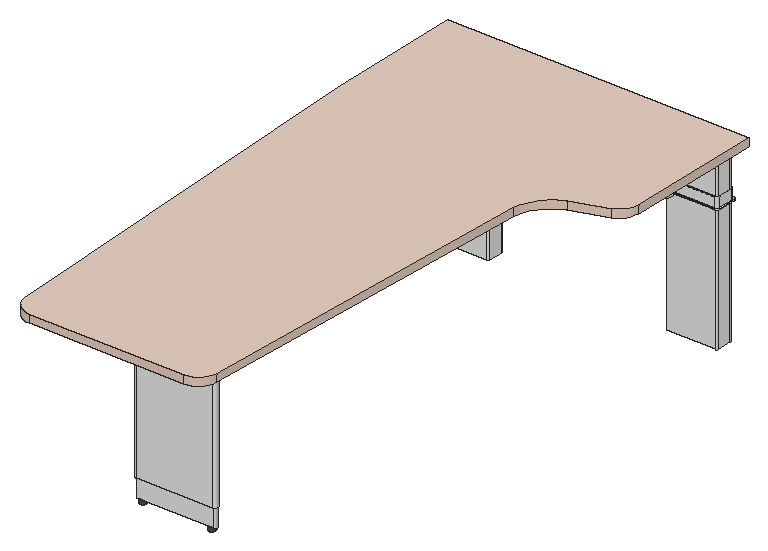
Revit family "Table-Height_Adjustable-Teknion-BH_EP_Height_Adjustable_Extended_Tapered_Peninsula_Bevel_Post_Leg_Mid_Height-R2018", category Furniture, Revit 2018
Family settings
  OmniClass Number = 23.40.20.00
  OmniClass Title = General Furniture and Specialties
  Work Plane-Based = No
  Always vertical = Yes
  Cut with Voids When Loaded = No
  Shared = Yes
  Room Calculation Point = No
Parameters (values of type "No Grommet")
  Worksurface Finish [instance] = Veneer-Teknion-5T-Flintwood-White_Truffle (Long Grain)
  Worksufrace Thickness Options [instance] = "Select one of the options below:"  # constant formula
  Width A [instance] = 87.000"
  Warranty = "http://www.teknion.com/ca/papers/legal-canada"
  Unit Weight URL = "http://www.teknion.com/ca/tools/assets#&asset=bee6a381-b954-425e-8283-5a2de3a804f2,f828d448-4b62-4231-9e5f-9a8991c0ed77"
  URL = "www.teknion.com"
  To render please download texture images found here [instance] = "https://assets.teknion.com/web/5e81352c1dfdb467/revit-material-swatches/"
  Sustainability Data = "https://www.teknion.com/ca/tools/assets#&topic=216f99a5-57a0-44fc-b10a-9dee9b29ae4c&asset=444deb64-fe58-4b68-981e-f75e97781df7,b4ff2d81-9f2e-437d-9659-7cffb09c31cf"
  Suspended Modesty Panel Height Options [instance] = "Select one of the options below:"  # constant formula
  Suspended Modesty Panel - Solid Finish [instance] = Veneer-Teknion-5T-Flintwood-White_Truffle (Long Grain)
  Suspended Modesty Panel - Solid [instance] = no
  Suspended Modesty Panel Options [instance] = "Select one of the options below:"  # constant formula
  Suspended Modesty Panel - Glass Hardware Finish [instance] = Paint - Teknion - Mica - Very White
  Suspended Modesty Panel - Glass Finish [instance] = Glass - Teknion - FT - Frosted Glass
  Suspended Modesty Panel - Glass [instance] = no
  Suspended Modesty Panel - Felt Finish [instance] = Fabric-Teknion-RB13-Carrera
  Suspended Modesty Panel - Felt [instance] = no
  Square Grommet Cut [instance] = if([Offset-Rectangular & Square], 4.000", 0.500")  # 0.500"
  Series = "Expansion Casegoods"  # constant formula
  Product Page URL = "https://www.teknion.com/ca/products/product-details?productlineid=0053336e-8e7a-673b-a6c8-ff00004460c4"
  Product Line = "Expansion Casegoods"  # constant formula
  Product Documentation Link #4 = "https://www.teknion.com/pricing/expansion-casegoods/pdfs/BASME_ppg.pdf"
  Product Documentation Link #3 = "https://www.teknion.com/pricing/expansion-casegoods/pdfs/BASMG_ppg.pdf"
  Product Documentation Link #2 = "https://www.teknion.com/pricing/expansion-casegoods/pdfs/BASML_ppg.pdf"
  Product Documentation Link = "https://www.teknion.com/pricing/expansion-casegoods/pdfs/BH_EP_ppg.pdf"
  Powerbar Options [instance] = "Select one of the options below:"  # constant formula
  Powerbar [instance] = not(No Powerbar)  # no
  Part Number = "BH_EP"  # constant formula
  Offset-Rectangular & Square = no
  Offset-Rectangular = no
  No Suspended Modesty Panel [instance] = and(not([Suspended Modesty Panel - Felt]), not([Suspended Modesty Panel - Glass]), not([Suspended Modesty Panel - Solid]))  # yes
  Modesty Panel Offset [instance] = if([9" Depth Mid-Height Kneespace Module for H.A.], 14.000", if([20" Depth Mid-Height Credenza for H.A.], 19.000", 23.000"))  # 14.000"
  Modesty Panel Height [instance] = if([6" Height Suspended Modesty Panel], 6.636", 10.009")  # 10.009"
  Middle corner Offset 2 [instance] = if(Depth A = 29.000", if(Depth B = 46.000", if(Width A = 69.000", 31.793", if(Width A = 75.000", 31.793", if(Width A = 81.000", 31.776", 31.770"))), if(Depth B = 52.000", if(Width A = 69.000", 32.082", if(Width A = 75.000", 32.075", if(Width A = 81.000", 32.070", 32.065"))), if(Width A = 69.000", 32.251", if(Width A = 75.000", 32.246", if(Width A = 81.000", 32.242", 32.238"))))), if(Depth B = 46.000", if(Width A = 69.000", 31.199", if(Width A = 75.000", 31.184", if(Width A = 81.000", 31.171", 31.161"))), if(Depth B = 52.000", if(Width A = 69.000", 31.791", if(Width A = 75.000", 31.781", if(Width A = 81.000", 31.774", 31.768"))), if(Width A = 69.000", 32.081", if(Width A = 75.000", 32.074", if(Width A = 81.000", 32.069", 32.064"))))))  # 31.161"
  Middle Corner Offset 1 [instance] = if(Depth A = 29.000", if(Depth B = 46.000", if(Width A = 69.000", 34.363", if(Width A = 75.000", 34.430", if(Width A = 81.000", 34.485", 34.530"))), if(Depth B = 52.000", if(Width A = 69.000", 34.344", if(Width A = 75.000", 34.414", if(Width A = 81.000", 34.470", 34.516"))), if(Width A = 69.000", 34.334", if(Width A = 75.000", 34.404", if(Width A = 81.000", 34.461", 34.508"))))), if(Depth B = 46.000", if(Width A = 69.000", 40.400", if(Width A = 75.000", 40.464", if(Width A = 81.000", 40.515", 40.557"))), if(Depth B = 52.000", if(Width A = 69.000", 40.363", if(Width A = 75.000", 40.430", if(Width A = 81.000", 40.485", 40.530"))), if(Width A = 69.000", 40.344", if(Width A = 75.000", 40.414", if(Width A = 81.000", 40.470", 40.516"))))))  # 40.557"
  No Powerbar [instance] = and(not(Integrated Powerbar), not(Integrated Powerbar with IEC Outlet))  # yes
  No Grommet = yes
  Model = "BH_EPK______N__E"
  Manufacturer Phone = "416-661-3370"  # constant formula
  Manufacturer Fax = "416.661.4586"  # constant formula
  Manufacturer Contact Information = "http://www.teknion.com/ca/contactus"
  Manufacturer Address = "1150 Flint Road, Toronto, ON. M3J 2J5. Canada"  # constant formula
  Manufacturer = "Teknion"  # constant formula
  Leg Offset [instance] = if(Depth B = 46.000", 1.530", 6.257")  # 1.530"
  Integrated Powerbar with IEC Outlet [instance] = no
  Integrated Powerbar [instance] = no
  How To Use Teknion Materials User Guide [instance] = "https://assets.teknion.com/m/205dd0a49fa58060/original/How-to-add-a-Material-Library-and-Texture-Images-to-your-Revit-project.pdf"
  Height [instance] = 29.362"
  Grommet Plan View Offset [instance] = if(Depth A = 29.000", 4.877", 7.877")  # 7.877"
  Grommet Finish [instance] = Paint - Teknion - Foundation - Crisp Grey
  For Additional Finishes please visit [instance] = "https://assets.teknion.com/m/44a8009b046e5d47/original/Teknion_Materials_Library.zip"
  First Corner Offset [instance] = if(Width A = 69.000", 5.699", if(Width A = 75.000", 5.718", if(Width A = 81.000", 5.734", 5.747")))  # 5.747"
  Description = "Height-Adjustable Extended Tapered Peninsula - Bevel Post Leg- Mid-Height, Mid-Height Configuration, No Grommet, Extended Range 26\" to 48\""
  Depth of End Support Style [instance] = "Select one of the options below:"  # constant formula
  Depth B [instance] = 46.000"
  Depth A [instance] = 35.000"
  Connection Node Visibility [instance] = yes
  Base Finish [instance] = Paint - Teknion - Foundation - Crisp Grey
  Available Width A [instance] = "69, 75, 81, and 87 Inches"  # constant formula
  Available Heights [instance] = "26 to 48 Inches"  # constant formula
  Available Depth B [instance] = "46, 52, and 58 Inches"  # constant formula
  Available Depth A [instance] = "29 or 35 Inches"  # constant formula
  Assembly Code = "E2020200"
  Arc Radius 2 = 6.000"  # constant formula
  Arc Radius 1 = 2.875"  # constant formula
  Actual Worksurface Thickness [instance] = if([1 3/16" Worksurface Thickness], 1.189", 1.555")  # 1.189"
  Actual Depth A [instance] = if(Depth A = 29.000", if(Width A = 69.000", 17.602", if(Width A = 75.000", 17.563", if(Width A = 81.000", 17.532", 17.507"))), if(Width A = 69.000", 23.602", if(Width A = 75.000", 23.563", if(Width A = 81.000", 23.532", 23.507"))))  # 23.507"
  Actual Depth B [instance] = if(Depth B = 58.000", 57.700", if(Depth B = 52.000", 51.730", 45.760"))  # 45.760"
  9" Depth Mid-Height Kneespace Module for H.A. [instance] = and(not([20" Depth Mid-Height Credenza for H.A.]), not([24" Depth Mid-Height Credenza for H.A.]))  # yes
  6" Height Suspended Modesty Panel [instance] = no
  24" Depth Mid-Height Credenza for H.A. [instance] = no
  20" Depth Mid-Height Credenza for H.A. [instance] = no
  10" Height Suspended Modesty Panel [instance] = not([6" Height Suspended Modesty Panel])  # yes
  1 9/16" Worksufrace Thickness [instance] = not([1 3/16" Worksurface Thickness])  # no
  1 3/16" Worksurface Thickness [instance] = yes
Reference planes (in)
  plane 1 "Center Front/Back": y = 0
  plane 2: z = 0
  plane 3 "Center Left/Right": x = 0
  plane 4 "Left": x = -22.88
  plane 5 "Right": x = 22.88
  plane 6 "Back": y = 43.5
  plane 7 "Front": y = -43.5
  plane 8 "Top": z = 29.362
  plane 9: y = 22.618
  plane 10: x = -17.133
  plane 11: x = 6.374
  plane 12: y = -40.625
  plane 13: x = 20.005
  plane 14: x = 17.677
  plane 15: y = 12.339
  plane 16: z = 28.173
  plane 17: x = -5.3795
  plane 18: x = -11.3795
  plane 19: y = -29.5
  plane 20: y = 29.5
  plane 21: z = 18.164
Forms (in)
  Sweep 1, solid, material "Veneer-Teknion-5T-Flintwood-White_Truffle (Long Grain)" <- "Worksurface Finish"
    path origin (0, 0, 0) x (1, 0, 0) y (0, 0, 1)
      loop
        line (0, 28.173) -> (0, 29.362)
    profile origin (0, 0, 28.7675) x (-1, 0, 0) y (0, -1, 0)
      loop
        line (-22.88, -43.5) -> (22.88, -43.5) -> (22.88, -22.618) -> (20.00505, 40.75529)
        arc (20.00505, 40.75529) -> (19.11933, 42.70349) -> (17.133, 43.5) r 2.875
        line (17.133, 43.5) -> (-6.37404, 43.5)
        arc (-6.37404, 43.5) -> (-8.36006, 42.70379) -> (-9.24605, 40.75617) r 2.875
        line (-9.24605, 40.75617) -> (-11.68349, -12.61306)
        arc (-11.68349, -12.61306) -> (-12.84595, -15.89723) -> (-15.63724, -17.98188) r 6
        line (-15.63724, -17.98188) -> (-20.9825, -19.91439)
        arc (-20.9825, -19.91439) -> (-22.35829, -20.96655) -> (-22.88, -22.61811) r 2.875
        line (-22.88, -22.61811) -> (-22.88, -43.5)
  Sweep 2, solid, material "Paint - Teknion - Foundation - Crisp Grey" <- "Grommet Finish", visible <- "Offset-Rectangular"
    path origin (0, 0, 0) x (1, 0, 0) y (0, 0, 1)
      loop
        line (0, 29.362) -> (0, 29.51948)
    profile origin (0, 0, 29.44074) x (-1, 0, 0) y (0, -1, 0)
      loop
        line (15.003, -25.30354) -> (15.003, -22.45631) -> (12.15894, -22.45631) -> (12.15894, -25.30354) -> (15.003, -25.30354)
  Sweep 3, solid, material "Paint - Teknion - Foundation - Crisp Grey" <- "Grommet Finish", visible <- "Offset-Rectangular"
    path origin (0, 0, 0) x (1, 0, 0) y (0, 0, 1)
      loop
        line (0, 29.362) -> (0, 29.51948)
    profile origin (0, 0, 29.44074) x (-1, 0, 0) y (0, -1, 0)
      loop
        line (15.003, -29.11062) -> (15.003, -25.30354) -> (13.79364, -25.30354) -> (13.79364, -27.58314) -> (13.36829, -27.58314) -> (13.36829, -25.30354) -> (12.15894, -25.30354) -> (12.15894, -29.11062) -> (15.003, -29.11062)
  Sweep 4, void
    path origin (0, 0, 0) x (1, 0, 0) y (0, 0, 1)
      loop
        line (0, 30.112) -> (0, 29.612)
    profile origin (0, 0, 29.862) x (0, -1, 0) y (1, 0, 0)
      loop
        arc (-40.54331, -1.00787) -> (-40.251, -0.8868) -> (-40.12992, -0.59449) r 0.41339
        line (-40.12992, -0.59449) -> (-40.12992, 0.59449)
        arc (-40.12992, 0.59449) -> (-40.251, 0.8868) -> (-40.54331, 1.00787) r 0.41339
        line (-40.54331, 1.00787) -> (-41.73228, 1.00787)
        arc (-41.73228, 1.00787) -> (-42.02459, 0.8868) -> (-42.14567, 0.59449) r 0.41339
        line (-42.14567, 0.59449) -> (-42.14567, -0.59449)
        arc (-42.14567, -0.59449) -> (-42.02459, -0.8868) -> (-41.73228, -1.00787) r 0.41339
        line (-41.73228, -1.00787) -> (-40.54331, -1.00787)
  Sweep 5, solid, material "Paint - Teknion - Foundation - Crisp Grey" <- "Base Finish"
    path origin (0, 0, 0) x (1, 0, 0) y (0, 0, 1)
      loop
        line (0, 0.60236) -> (0, 3.81461)
    profile origin (0, 0, 2.20849) x (-1, 0, 0) y (0, -1, 0)
      loop
        arc (11.33518, 29.82046) -> (11.46255, 30.15226) -> (11.17871, 30.36614) r 0.29528
        line (11.17871, 30.36614) -> (-0.41971, 30.36614)
        arc (-0.41971, 30.36614) -> (-0.70355, 30.15226) -> (-0.57618, 29.82046) r 0.29528
        line (-0.57618, 29.82046) -> (2.45725, 27.92496) -> (8.30175, 27.92496) -> (11.33518, 29.82046)
  Sweep 6, solid, material "Paint - Teknion - Foundation - Crisp Grey" <- "Base Finish"
    path origin (0, 0, 0) x (1, 0, 0) y (0, 0, 1)
      loop
        line (-5.3795, 3.44882) -> (-5.3795, 27.98391)
    profile origin (-5.3795, 0, 15.71636) x (-1, 0, 0) y (0, -1, 0)
      loop
        line (5.79921, 30.5) -> (-5.79921, 30.5)
        arc (-5.79921, 30.5) -> (-6.21172, 30.18915) -> (-6.02662, 29.70694) r 0.42913
        line (-6.02662, 29.70694) -> (-2.96063, 27.7911) -> (2.96063, 27.7911) -> (6.02662, 29.70694)
        arc (6.02662, 29.70694) -> (6.21172, 30.18915) -> (5.79921, 30.5) r 0.42913
  Sweep 7, solid, material "Plastic - Teknion - E - Ebony"
    path origin (0, 0, 0) x (1, 0, 0) y (0, 0, 1)
      loop
        line (0, 0) -> (0, 0.60236)
    profile origin (0, 0, 0.30118) x (-1, 0, 0) y (0, -1, 0)
      loop
        circle (10.62981, 29.91383) r 0.5
      loop
        circle (0.12919, 29.91383) r 0.5
  Sweep 8, solid, material "Paint - Teknion - Foundation - Crisp Grey" <- "Base Finish"
    path origin (0, 0, 0) x (1, 0, 0) y (0, 0, 1)
      loop
        line (0, 27.98391) -> (0, 28.173)
    profile origin (0, 0, 28.07845) x (-1, 0, 0) y (0, -1, 0)
      loop
        line (11.67871, 24.22047) -> (11.67871, 32.96063) -> (-0.91971, 32.96063) -> (-0.91971, 24.22047) -> (3.47989, 24.22047) -> (3.47989, 23.21654) -> (7.27911, 23.21654) -> (7.27911, 24.22047) -> (11.67871, 24.22047)
  Sweep 9, solid, material "Paint - Teknion - Foundation - Crisp Grey" <- "Base Finish"
    path origin (0, 0, 0) x (1, 0, 0) y (0, 0, 1)
      loop
        line (0, 26.36186) -> (0, 28.173)
    profile origin (0, 0, 27.26743) x (-1, 0, 0) y (0, -1, 0)
      loop
        line (20.24764, -39.47244) -> (20.24764, -31.06693) -> (21.35, -31.06693) -> (21.35, -29.96457) -> (0.18315, -29.96457) -> (0.18315, 24.22047) -> (-0.91921, 24.22047) -> (-0.91921, -29.96457) -> (-21.35, -29.96457) -> (-21.35, -31.06693) -> (-20.24764, -31.06693) -> (-20.24764, -39.47244) -> (-16.23189, -39.47244) -> (-16.23189, -31.06693) -> (16.23189, -31.06693) -> (16.23189, -39.47244) -> (20.24764, -39.47244)
  Sweep 10, solid, material "Paint - Teknion - Foundation - Crisp Grey" <- "Base Finish"
    path origin (0, 0, 0) x (1, 0, 0) y (0, 0, 1)
      loop
        line (0, 26.36186) -> (0, 27.98391)
    profile origin (0, 0, 27.17288) x (-1, 0, 0) y (0, -1, 0)
      loop
        line (7.27961, 23.21654) -> (7.27961, 27.7911) -> (3.47989, 27.7911) -> (3.47989, 23.21654) -> (7.27961, 23.21654)
  Sweep 11, solid, material "Paint - Teknion - Foundation - Crisp Grey" <- "Base Finish"
    path origin (0, 0, 0) x (1, 0, 0) y (0, 0, 1)
      loop
        line (0, 28.173) -> (0, 28.05477)
    profile origin (0, 0, 28.11389) x (0, -1, 0) y (1, 0, 0)
      loop
        line (-31.06693, -15.12953) -> (-40.83071, -15.12953) -> (-40.83071, -21.35) -> (-31.06693, -21.35) -> (-31.06693, -15.12953)
      loop
        line (-31.06693, 15.12953) -> (-31.06693, 21.35) -> (-40.83071, 21.35) -> (-40.83071, 15.12953) -> (-31.06693, 15.12953)
  Sweep 12, solid, material "Paint - Teknion - Foundation - Crisp Grey" <- "Base Finish"
    path origin (0, 0, 0) x (1, 0, 0) y (0, 0, 1)
      loop
        line (0, 1.61811) -> (0, 28.173)
    profile origin (0, 0, 14.89556) x (-1, 0, 0) y (0, -1, 0)
      loop
        arc (-13.47598, -39.72244) -> (-13.54921, -39.54566) -> (-13.72598, -39.47244) r 0.25
        line (-13.72598, -39.47244) -> (-21.1, -39.47244)
        arc (-21.1, -39.47244) -> (-21.27678, -39.54566) -> (-21.35, -39.72244) r 0.25
        line (-21.35, -39.72244) -> (-21.35, -41.93898)
        arc (-21.35, -41.93898) -> (-21.27678, -42.11575) -> (-21.1, -42.18898) r 0.25
        line (-21.1, -42.18898) -> (-13.72598, -42.18898)
        arc (-13.72598, -42.18898) -> (-13.54921, -42.11575) -> (-13.47598, -41.93898) r 0.25
        line (-13.47598, -41.93898) -> (-13.47598, -39.72244)
      loop
        arc (13.47598, -41.93898) -> (13.54921, -42.11575) -> (13.72598, -42.18898) r 0.25
        line (13.72598, -42.18898) -> (21.1, -42.18898)
        arc (21.1, -42.18898) -> (21.27678, -42.11575) -> (21.35, -41.93898) r 0.25
        line (21.35, -41.93898) -> (21.35, -39.72244)
        arc (21.35, -39.72244) -> (21.27678, -39.54566) -> (21.1, -39.47244) r 0.25
        line (21.1, -39.47244) -> (13.72598, -39.47244)
        arc (13.72598, -39.47244) -> (13.54921, -39.54566) -> (13.47598, -39.72244) r 0.25
        line (13.47598, -39.72244) -> (13.47598, -41.93898)
  Sweep 13, solid, material "Paint - Teknion - Foundation - Crisp Grey" <- "Base Finish"
    path origin (0, 0, 0) x (1, 0, 0) y (0, 0, 1)
      loop
        line (0, 21) -> (0, 21.07874)
    profile origin (0, 0, 21.03937) x (-1, 0, 0) y (0, -1, 0)
      loop
        line (-13.00354, -42.1063) -> (-13.00354, -39.55512)
        arc (-13.00354, -39.55512) -> (-13.16613, -39.16259) -> (-13.55866, -39) r 0.55512
        line (-13.55866, -39) -> (-21.26732, -39)
        arc (-21.26732, -39) -> (-21.65985, -39.16259) -> (-21.82244, -39.55512) r 0.55512
        line (-21.82244, -39.55512) -> (-21.82244, -42.1063)
        arc (-21.82244, -42.1063) -> (-21.65985, -42.49883) -> (-21.26732, -42.66142) r 0.55512
        line (-21.26732, -42.66142) -> (-13.55866, -42.66142)
        arc (-13.55866, -42.66142) -> (-13.16613, -42.49883) -> (-13.00354, -42.1063) r 0.55512
      loop
        line (13.00354, -39.55512) -> (13.00354, -42.1063)
        arc (13.00354, -42.1063) -> (13.16613, -42.49883) -> (13.55866, -42.66142) r 0.55512
        line (13.55866, -42.66142) -> (21.26732, -42.66142)
        arc (21.26732, -42.66142) -> (21.65985, -42.49883) -> (21.82244, -42.1063) r 0.55512
        line (21.82244, -42.1063) -> (21.82244, -39.55512)
        arc (21.82244, -39.55512) -> (21.65985, -39.16259) -> (21.26732, -39) r 0.55512
        line (21.26732, -39) -> (13.55866, -39)
        arc (13.55866, -39) -> (13.16613, -39.16259) -> (13.00354, -39.55512) r 0.55512
      loop
        arc (13.72598, -39.47244) -> (13.54921, -39.54566) -> (13.47598, -39.72244) r 0.25
        line (13.47598, -39.72244) -> (13.47598, -41.93898)
        arc (13.47598, -41.93898) -> (13.54921, -42.11575) -> (13.72598, -42.18898) r 0.25
        line (13.72598, -42.18898) -> (21.1, -42.18898)
        arc (21.1, -42.18898) -> (21.27678, -42.11575) -> (21.35, -41.93898) r 0.25
        line (21.35, -41.93898) -> (21.35, -39.72244)
        arc (21.35, -39.72244) -> (21.27678, -39.54566) -> (21.1, -39.47244) r 0.25
        line (21.1, -39.47244) -> (13.72598, -39.47244)
      loop
        arc (-21.1, -39.47244) -> (-21.27678, -39.54566) -> (-21.35, -39.72244) r 0.25
        line (-21.35, -39.72244) -> (-21.35, -41.93898)
        arc (-21.35, -41.93898) -> (-21.27678, -42.11575) -> (-21.1, -42.18898) r 0.25
        line (-21.1, -42.18898) -> (-13.72598, -42.18898)
        arc (-13.72598, -42.18898) -> (-13.54921, -42.11575) -> (-13.47598, -41.93898) r 0.25
        line (-13.47598, -41.93898) -> (-13.47598, -39.72244)
        arc (-13.47598, -39.72244) -> (-13.54921, -39.54566) -> (-13.72598, -39.47244) r 0.25
        line (-13.72598, -39.47244) -> (-21.1, -39.47244)
  Sweep 14, solid, material "Paint - Teknion - Foundation - Crisp Grey" <- "Base Finish"
    path origin (0, 0, 0) x (1, 0, 0) y (0, 0, 1)
      loop
        line (0, 21.07874) -> (0, 22.5748)
    profile origin (0, 0, 21.82677) x (-1, 0, 0) y (0, -1, 0)
      loop
        line (21.54636, -41.93898) -> (21.54636, -39.72244)
        arc (21.54636, -39.72244) -> (21.41548, -39.40647) -> (21.09951, -39.27559) r 0.44685
        line (21.09951, -39.27559) -> (13.72549, -39.27559)
        arc (13.72549, -39.27559) -> (13.40952, -39.40647) -> (13.27864, -39.72244) r 0.44685
        line (13.27864, -39.72244) -> (13.27864, -41.93898)
        arc (13.27864, -41.93898) -> (13.40952, -42.25495) -> (13.72549, -42.38583) r 0.44685
        line (13.72549, -42.38583) -> (21.09951, -42.38583)
        arc (21.09951, -42.38583) -> (21.41548, -42.25495) -> (21.54636, -41.93898) r 0.44685
      loop
        arc (21.35, -39.72244) -> (21.27678, -39.54566) -> (21.1, -39.47244) r 0.25
        line (21.1, -39.47244) -> (13.72598, -39.47244)
        arc (13.72598, -39.47244) -> (13.54921, -39.54566) -> (13.47598, -39.72244) r 0.25
        line (13.47598, -39.72244) -> (13.47598, -41.93898)
        arc (13.47598, -41.93898) -> (13.54921, -42.11575) -> (13.72598, -42.18898) r 0.25
        line (13.72598, -42.18898) -> (21.1, -42.18898)
        arc (21.1, -42.18898) -> (21.27678, -42.11575) -> (21.35, -41.93898) r 0.25
        line (21.35, -41.93898) -> (21.35, -39.72244)
      loop
        line (-13.27864, -41.93898) -> (-13.27864, -39.72244)
        arc (-13.27864, -39.72244) -> (-13.40952, -39.40647) -> (-13.72549, -39.27559) r 0.44685
        line (-13.72549, -39.27559) -> (-21.09951, -39.27559)
        arc (-21.09951, -39.27559) -> (-21.41548, -39.40647) -> (-21.54636, -39.72244) r 0.44685
        line (-21.54636, -39.72244) -> (-21.54636, -41.93898)
        arc (-21.54636, -41.93898) -> (-21.41548, -42.25495) -> (-21.09951, -42.38583) r 0.44685
        line (-21.09951, -42.38583) -> (-13.72549, -42.38583)
        arc (-13.72549, -42.38583) -> (-13.40952, -42.25495) -> (-13.27864, -41.93898) r 0.44685
      loop
        arc (-13.47598, -39.72244) -> (-13.54921, -39.54566) -> (-13.72598, -39.47244) r 0.25
        line (-13.72598, -39.47244) -> (-21.1, -39.47244)
        arc (-21.1, -39.47244) -> (-21.27678, -39.54566) -> (-21.35, -39.72244) r 0.25
        line (-21.35, -39.72244) -> (-21.35, -41.93898)
        arc (-21.35, -41.93898) -> (-21.27678, -42.11575) -> (-21.1, -42.18898) r 0.25
        line (-21.1, -42.18898) -> (-13.72598, -42.18898)
        arc (-13.72598, -42.18898) -> (-13.54921, -42.11575) -> (-13.47598, -41.93898) r 0.25
        line (-13.47598, -41.93898) -> (-13.47598, -39.72244)
  Sweep 15, solid, material "Paint - Teknion - Foundation - Crisp Grey" <- "Base Finish"
    path origin (0, 0, 0) x (1, 0, 0) y (0, 0, 1)
      loop
        line (0, 26.59414) -> (0, 28.173)
    profile origin (0, 0, 27.38357) x (-1, 0, 0) y (0, -1, 0)
      loop
        line (-4.61622, -39.17717) -> (-4.61622, -31.06693) -> (-13.11622, -31.06693) -> (-13.11622, -39.17717) -> (-4.61622, -39.17717)
  Sweep 16, solid, material "Paint - Teknion - Foundation - Crisp Grey" <- "Base Finish"
    path origin (0, 0, 0) x (1, 0, 0) y (0, 0, 1)
      loop
        line (0, 26.54296) -> (0, 28.173)
    profile origin (0, 0, 27.35798) x (-1, 0, 0) y (0, -1, 0)
      loop
        line (13.12904, -38.12205) -> (13.12904, -31.06693) -> (2.12904, -31.06693) -> (2.12904, -38.12205) -> (13.12904, -38.12205)
  Sweep 17, solid, material "Plastic - Teknion - Z2 - Crisp Grey", visible <- "Powerbar"
    path origin (0, 0, 0) x (1, 0, 0) y (0, 1, 0)
      loop
        line (0, 38.12205) -> (0, 38.30315)
    profile origin (0, 38.2126, 0) x (-1, 0, 0) y (0, 0, 1)
      loop
        line (9.3377, 27.88351) -> (9.3377, 26.83233) -> (10.38888, 26.83233) -> (10.38888, 27.88351) -> (9.3377, 27.88351)
      loop
        line (8.81407, 27.88351) -> (7.76289, 27.88351) -> (7.76289, 26.83233) -> (8.81407, 26.83233) -> (8.81407, 27.88351)
      loop
        line (7.23927, 27.88351) -> (6.18809, 27.88351) -> (6.18809, 26.83233) -> (7.23927, 26.83233) -> (7.23927, 27.88351)
      loop
        line (9.9125, 27.55674) -> (10.26289, 27.55674) -> (10.26289, 27.62761) -> (9.9125, 27.62761) -> (9.9125, 27.55674)
      loop
        line (10.22352, 27.15123) -> (9.95187, 27.15123) -> (9.95187, 27.08036) -> (10.22352, 27.08036) -> (10.22352, 27.15123)
      loop
        line (9.61526, 27.46225) -> (9.51093, 27.46225) -> (9.51093, 27.25359) -> (9.61526, 27.25359)
        arc (9.61526, 27.25359) -> (9.71959, 27.35792) -> (9.61526, 27.46225) r 0.10433
      loop
        line (8.3377, 27.55674) -> (8.68809, 27.55674) -> (8.68809, 27.62761) -> (8.3377, 27.62761) -> (8.3377, 27.55674)
      loop
        line (8.64872, 27.15123) -> (8.37707, 27.15123) -> (8.37707, 27.08036) -> (8.64872, 27.08036) -> (8.64872, 27.15123)
      loop
        line (8.04045, 27.46225) -> (7.93612, 27.46225) -> (7.93612, 27.25359) -> (8.04045, 27.25359)
        arc (8.04045, 27.25359) -> (8.14478, 27.35792) -> (8.04045, 27.46225) r 0.10433
      loop
        line (6.76289, 27.55674) -> (7.11329, 27.55674) -> (7.11329, 27.62761) -> (6.76289, 27.62761) -> (6.76289, 27.55674)
      loop
        line (7.07392, 27.15123) -> (6.80226, 27.15123) -> (6.80226, 27.08036) -> (7.07392, 27.08036) -> (7.07392, 27.15123)
      loop
        line (6.46565, 27.46225) -> (6.36132, 27.46225) -> (6.36132, 27.25359) -> (6.46565, 27.25359)
        arc (6.46565, 27.25359) -> (6.56998, 27.35792) -> (6.46565, 27.46225) r 0.10433
  Sweep 18, solid, material "Plastic - Teknion - Z2 - Crisp Grey", visible <- "Powerbar"
    path origin (0, 0, 0) x (1, 0, 0) y (0, 0, 1)
      loop
        line (0, 26.98292) -> (0, 27.73292)
    profile origin (0, 0, 27.35792) x (-1, 0, 0) y (0, -1, 0)
      loop
        line (12.20384, -38.16142) -> (12.20384, -38.12205) -> (11.45384, -38.12205) -> (11.45384, -38.16142) -> (12.20384, -38.16142)
  Sweep 19, solid, material "Plastic - Teknion - Z2 - Crisp Grey", visible <- "Powerbar"
    path origin (0, 0, 0) x (1, 0, 0) y (0, 0, 1)
      loop
        line (0, 27.178) -> (0, 27.53784)
    profile origin (0, 0, 27.35792) x (-1, 0, 0) y (0, -1, 0)
      loop
        line (12.02372, -38.16142) -> (11.63396, -38.16142) -> (11.92511, -38.26002) -> (12.02372, -38.16142)
  Sweep 20, solid, material "Plastic - Teknion - Z2 - Crisp Grey", visible <- "Integrated Powerbar"
    path origin (0, 0, 0) x (1, 0, 0) y (0, 1, 0)
      loop
        line (0, 38.12205) -> (0, 38.30315)
    profile origin (0, 38.2126, 0) x (-1, 0, 0) y (0, 0, 1)
      loop
        line (4.61329, 27.88351) -> (4.61329, 26.83233) -> (5.66447, 26.83233) -> (5.66447, 27.88351) -> (4.61329, 27.88351)
      loop
        line (5.53848, 27.62761) -> (5.18809, 27.62761) -> (5.18809, 27.55674) -> (5.53848, 27.55674) -> (5.53848, 27.62761)
      loop
        line (5.49911, 27.15123) -> (5.22746, 27.15123) -> (5.22746, 27.08036) -> (5.49911, 27.08036) -> (5.49911, 27.15123)
      loop
        line (4.78652, 27.25359) -> (4.89085, 27.25359)
        arc (4.89085, 27.25359) -> (4.99518, 27.35792) -> (4.89085, 27.46225) r 0.10433
        line (4.89085, 27.46225) -> (4.78652, 27.46225) -> (4.78652, 27.25359)
  Sweep 21, solid, material "Plastic - Teknion - Z2 - Crisp Grey", visible <- "Integrated Powerbar with IEC Outlet"
    path origin (0, 0, 0) x (1, 0, 0) y (0, 1, 0)
      loop
        line (0, 37.98425) -> (0, 38.16535)
    profile origin (0, 38.0748, 0) x (-1, 0, 0) y (0, 0, 1)
      loop
        line (4.68163, 27.78115) -> (4.40659, 27.50612) -> (4.40659, 26.93469) -> (5.53652, 26.93469) -> (5.53652, 27.50612) -> (5.26148, 27.78115) -> (4.68163, 27.78115)
      loop
        line (4.7269, 27.66894) -> (4.5188, 27.46084) -> (4.5188, 27.0469) -> (5.42431, 27.0469) -> (5.42431, 27.46084) -> (5.21621, 27.66894) -> (4.7269, 27.66894)
      loop
        line (4.27864, 26.83233) -> (5.66447, 26.83233) -> (5.66447, 27.88351) -> (4.27864, 27.88351) -> (4.27864, 26.83233)
      loop
        line (5.00699, 27.48784) -> (5.00699, 27.60989) -> (4.93612, 27.60989) -> (4.93612, 27.48784) -> (5.00699, 27.48784)
      loop
        line (4.70974, 27.34217) -> (4.70974, 27.17288) -> (4.78848, 27.17288) -> (4.78848, 27.34217) -> (4.70974, 27.34217)
      loop
        line (5.15463, 27.17288) -> (5.23337, 27.17288) -> (5.23337, 27.34217) -> (5.15463, 27.34217) -> (5.15463, 27.17288)
  Sweep 22, solid, material "Veneer-Teknion-5T-Flintwood-White_Truffle (Long Grain)" <- "Suspended Modesty Panel - Solid Finish", visible <- "Suspended Modesty Panel - Solid"
    path origin (-30.24036, 18.63766, 0) x (0, 1, 0) y (-1, 0, 0)
      loop
        line (-48.13766, -30.24036) -> (10.86234, -30.24036)
    profile origin (0, 0, 0) x (-1, 0, 0) y (0, 0, 1)
      loop
        line (11.3795, 28.173) -> (10.36375, 28.173) -> (10.36375, 18.164) -> (11.3795, 18.164) -> (11.3795, 28.173)
  Sweep 23, solid, material "Paint - Teknion - Foundation - Ebony", visible <- "Suspended Modesty Panel - Felt"
    path origin (9.6205, -17, 0) x (0, -1, 0) y (1, 0, 0)
      loop
        line (-46.5, -9.6205) -> (12.5, -9.6205)
    profile origin (0, 0, 0) x (1, 0, 0) y (0, 0, 1)
      loop
        line (-11.10391, 18.164) -> (-11.05667, 18.164) -> (-11.05667, 28.12555) -> (-10.51336, 28.12555) -> (-10.51336, 27.54287) -> (-10.46611, 27.54287) -> (-10.46611, 28.1728) -> (-11.10391, 28.1728) -> (-11.10391, 18.164)
  Sweep 24, solid, material "Fabric-Teknion-RB13-Carrera" <- "Suspended Modesty Panel - Felt Finish", visible <- "Suspended Modesty Panel - Felt"
    path origin (9.6205, -17, 0) x (0, -1, 0) y (1, 0, 0)
      loop
        line (-46.5, -9.6205) -> (12.5, -9.6205)
    profile origin (0, 0, 0) x (1, 0, 0) y (0, 0, 1)
      loop
        line (-10.78107, 27.58207) -> (-11.05667, 27.58207) -> (-11.05667, 18.164) -> (-10.78107, 18.164) -> (-10.78107, 27.58207)
      loop
        line (-11.10391, 18.164) -> (-11.10391, 27.58207) -> (-11.3795, 27.58207) -> (-11.3795, 18.164) -> (-11.10391, 18.164)
  Sweep 25, solid, material "Glass - Teknion - FT - Frosted Glass" <- "Suspended Modesty Panel - Glass Finish", visible <- "Suspended Modesty Panel - Glass"
    path origin (9.6205, -18.5, 0) x (0, -1, 0) y (1, 0, 0)
      loop
        line (-48, -9.6205) -> (11, -9.6205)
    profile origin (0, 0, 0) x (1, 0, 0) y (0, 0, 1)
      loop
        line (-11.14328, 28.173) -> (-11.3795, 28.173) -> (-11.3795, 18.17381) -> (-11.14328, 18.17381) -> (-11.14328, 28.173)
  Sweep 26, solid, material "Paint - Teknion - Mica - Very White" <- "Suspended Modesty Panel - Glass Hardware Finish", visible <- "Suspended Modesty Panel - Glass"
    path origin (9.6205, -18.5, 0) x (0, -1, 0) y (1, 0, 0)
      loop
        line (-42.82654, -9.6205) -> (8.827, -9.6205)
    profile origin (0, -1.50023, 0) x (1, 0, 0) y (0, 0, 1)
      loop
        line (-10.75352, 28.05862) -> (-11.14328, 28.05862) -> (-11.14328, 26.86965) -> (-10.75352, 26.86965) -> (-10.75352, 28.05862)
Cuts and joins
  Sweep 4 cuts Sweep 1
  joined: Sweep 9, Sweep 11, Sweep 12
  joined: Sweep 6, Sweep 8, Sweep 10
Lines and regions (in)
  Masking region 1
    outline origin (0, 0, 0) x (1, 0, 0) y (0, 1, 0)
      loop
        line (-22.88, 43.5) -> (-22.88, 22.618) -> (-20.00505, -40.75529)
        arc (-20.00505, -40.75529) -> (-19.11933, -42.70349) -> (-17.133, -43.5) r 2.875
        line (-17.133, -43.5) -> (6.37404, -43.5)
        arc (6.37404, -43.5) -> (8.36006, -42.70379) -> (9.24605, -40.75617) r 2.875
        line (9.24605, -40.75617) -> (11.68349, 12.61306)
        arc (11.68349, 12.61306) -> (12.84595, 15.89723) -> (15.63724, 17.98188) r 6
        line (15.63724, 17.98188) -> (20.9825, 19.91439)
        arc (20.9825, 19.91439) -> (22.35829, 20.96655) -> (22.88, 22.61811) r 2.875
        line (22.88, 22.61811) -> (22.88, 43.5) -> (-22.88, 43.5)
  symbolic lines, visible <- "Offset-Rectangular"
    curve 1: line (-15.003, 25.30354, 0) -> (-15.003, 22.45631, 0)
    curve 2: line (-15.003, 22.45631, 0) -> (-12.15894, 22.45631, 0)
    curve 3: line (-12.15894, 22.45631, 0) -> (-12.15894, 25.30354, 0)
    curve 4: line (-12.15894, 25.30354, 0) -> (-15.003, 25.30354, 0)
    curve 5: line (-12.15894, 25.30354, 0) -> (-12.15894, 29.11062, 0)
    curve 6: line (-12.15894, 29.11062, 0) -> (-15.003, 29.11062, 0)
    curve 7: line (-15.003, 29.11062, 0) -> (-15.003, 25.30354, 0)
    curve 8: line (-15.003, 25.30354, 0) -> (-13.79364, 25.30354, 0)
    curve 9: line (-13.79364, 25.30354, 0) -> (-13.79364, 27.58314, 0)
    curve 10: line (-13.79364, 27.58314, 0) -> (-13.36829, 27.58314, 0)
    curve 11: line (-13.36829, 27.58314, 0) -> (-13.36829, 25.30354, 0)
    curve 12: line (-13.36829, 25.30354, 0) -> (-12.15894, 25.30354, 0)
  symbolic lines, style "FurnitureHiddenLines", detail levels medium+fine
    curve 13: line (-11.17871, -30.5, 0) -> (0.41971, -30.5, 0)
    curve 14: line (0.64712, -29.70694, 0) -> (-2.41887, -27.7911, 0)
    curve 15: line (-2.41887, -27.7911, 0) -> (-8.34013, -27.7911, 0)
    curve 16: line (-8.34013, -27.7911, 0) -> (-11.40612, -29.70694, 0)
    curve 17: arc (-11.17871, -30.5, 0) -> (-11.59122, -30.18915, 0) -> (-11.40612, -29.70694, 0) r 0.42913
    curve 18: arc (0.64712, -29.70694, 0) -> (0.83222, -30.18915, 0) -> (0.41971, -30.5, 0) r 0.42913
    curve 25: arc (-11.12981, -29.91383, 0) -> (-10.62981, -30.41383, 0) -> (-10.12981, -29.91383, 0) r 0.5
    curve 26: arc (-10.12981, -29.91383, 0) -> (-10.62981, -29.41383, 0) -> (-11.12981, -29.91383, 0) r 0.5
    curve 27: arc (0.37081, -29.91383, 0) -> (-0.12919, -29.41383, 0) -> (-0.62919, -29.91383, 0) r 0.5
    curve 28: arc (-0.62919, -29.91383, 0) -> (-0.12919, -30.41383, 0) -> (0.37081, -29.91383, 0) r 0.5
    curve 29: line (-7.27961, -23.21654, 0) -> (-7.27961, -27.7911, 0)
    curve 30: line (-3.47989, -27.7911, 0) -> (-3.47989, -23.21654, 0)
    curve 31: line (-3.47989, -23.21654, 0) -> (-7.27961, -23.21654, 0)
    curve 32: line (-7.27961, -24.22047, 0) -> (-11.67871, -24.22047, 0)
    curve 33: line (-11.67871, -24.22047, 0) -> (-11.67871, -32.96063, 0)
    curve 34: line (-11.67871, -32.96063, 0) -> (0.91971, -32.96063, 0)
    curve 35: line (0.91971, -32.96063, 0) -> (0.91971, -24.22047, 0)
    curve 36: line (0.91971, -24.22047, 0) -> (-3.47989, -24.22047, 0)
    curve 37: line (0.91921, -24.22047, 0) -> (0.91921, 29.96457, 0)
    curve 38: line (-0.18315, 29.96457, 0) -> (-0.18315, -24.22047, 0)
    curve 39: line (0.91921, 29.96457, 0) -> (21.35, 29.96457, 0)
    curve 40: line (-21.35, 29.96457, 0) -> (-0.18315, 29.96457, 0)
    curve 41: line (16.23189, 31.06693, 0) -> (-16.23189, 31.06693, 0)
    curve 42: line (-15.12953, 31.06693, 0) -> (-15.12953, 39.47244, 0)
    curve 43: line (-16.23189, 31.06693, 0) -> (-16.23189, 39.47244, 0)
    curve 44: line (15.12953, 39.47244, 0) -> (15.12953, 31.06693, 0)
    curve 45: line (16.23189, 39.47244, 0) -> (16.23189, 31.06693, 0)
    curve 46: line (20.24764, 31.06693, 0) -> (20.24764, 39.47244, 0)
    curve 47: line (21.35, 31.06693, 0) -> (20.24764, 31.06693, 0)
    curve 48: line (-20.24764, 39.47244, 0) -> (-20.24764, 31.06693, 0)
    curve 49: line (-20.24764, 31.06693, 0) -> (-21.35, 31.06693, 0)
    curve 50: line (-21.35, 39.72244, 0) -> (-21.35, 41.93898, 0)
    curve 51: arc (-21.35, 41.93898, 0) -> (-21.27678, 42.11575, 0) -> (-21.1, 42.18898, 0) r 0.25
    curve 52: line (-21.1, 42.18898, 0) -> (-13.72598, 42.18898, 0)
    curve 53: arc (-13.72598, 42.18898, 0) -> (-13.54921, 42.11575, 0) -> (-13.47598, 41.93898, 0) r 0.25
    curve 54: line (-13.47598, 41.93898, 0) -> (-13.47598, 39.72244, 0)
    curve 55: arc (-13.47598, 39.72244, 0) -> (-13.54921, 39.54566, 0) -> (-13.72598, 39.47244, 0) r 0.25
    curve 56: line (-13.72598, 39.47244, 0) -> (-21.1, 39.47244, 0)
    curve 57: arc (-21.1, 39.47244, 0) -> (-21.27678, 39.54566, 0) -> (-21.35, 39.72244, 0) r 0.25
    curve 58: line (21.35, 41.93898, 0) -> (21.35, 39.72244, 0)
    curve 59: arc (21.35, 39.72244, 0) -> (21.27678, 39.54566, 0) -> (21.1, 39.47244, 0) r 0.25
    curve 60: line (21.1, 39.47244, 0) -> (13.72598, 39.47244, 0)
    curve 61: arc (13.72598, 39.47244, 0) -> (13.54921, 39.54566, 0) -> (13.47598, 39.72244, 0) r 0.25
    curve 62: line (13.47598, 39.72244, 0) -> (13.47598, 41.93898, 0)
    curve 63: arc (13.47598, 41.93898, 0) -> (13.54921, 42.11575, 0) -> (13.72598, 42.18898, 0) r 0.25
    curve 64: line (13.72598, 42.18898, 0) -> (21.1, 42.18898, 0)
    curve 65: arc (21.1, 42.18898, 0) -> (21.27678, 42.11575, 0) -> (21.35, 41.93898, 0) r 0.25
    curve 66: line (21.35, 29.96457, 0) -> (21.35, 41.93898, 0)
    curve 67: line (-21.35, 41.93898, 0) -> (-21.35, 29.96457, 0)
    curve 68: line (4.61622, 39.17717, 0) -> (4.61622, 31.06693, 0)
    curve 69: line (13.11622, 39.17717, 0) -> (4.61622, 39.17717, 0)
    curve 70: line (13.11622, 31.06693, 0) -> (13.11622, 39.17717, 0)
    curve 71: line (-2.12904, 31.06693, 0) -> (-2.12904, 38.12205, 0)
    curve 72: line (-2.12904, 38.12205, 0) -> (-13.12904, 38.12205, 0)
    curve 73: line (-13.12904, 38.12205, 0) -> (-13.12904, 31.06693, 0)
  symbolic lines, style "FurnitureHiddenLines", detail levels fine
    curve 19: line (-8.30175, -27.92496, 0) -> (-11.33518, -29.82046, 0)
    curve 20: arc (-11.33518, -29.82046, 0) -> (-11.46255, -30.15226, 0) -> (-11.17871, -30.36614, 0) r 0.29528
    curve 21: line (-11.17871, -30.36614, 0) -> (0.41971, -30.36614, 0)
    curve 22: arc (0.41971, -30.36614, 0) -> (0.70355, -30.15226, 0) -> (0.57618, -29.82046, 0) r 0.29528
    curve 23: line (0.57618, -29.82046, 0) -> (-2.45725, -27.92496, 0)
    curve 24: line (-2.45725, -27.92496, 0) -> (-8.30175, -27.92496, 0)
    curve 82: line (-21.54636, 41.93898, 0) -> (-21.54636, 39.72244, 0)
    curve 83: arc (-21.54636, 39.72244, 0) -> (-21.41548, 39.40647, 0) -> (-21.09951, 39.27559, 0) r 0.44685
    curve 84: line (-21.09951, 39.27559, 0) -> (-13.72549, 39.27559, 0)
    curve 85: arc (-13.72549, 39.27559, 0) -> (-13.40952, 39.40647, 0) -> (-13.27864, 39.72244, 0) r 0.44685
    curve 86: line (-13.27864, 39.72244, 0) -> (-13.27864, 41.93898, 0)
    curve 87: arc (-13.27864, 41.93898, 0) -> (-13.40952, 42.25495, 0) -> (-13.72549, 42.38583, 0) r 0.44685
    curve 88: line (-13.72549, 42.38583, 0) -> (-21.09951, 42.38583, 0)
    curve 89: arc (-21.09951, 42.38583, 0) -> (-21.41548, 42.25495, 0) -> (-21.54636, 41.93898, 0) r 0.44685
    curve 90: line (-21.26732, 39, 0) -> (-13.55866, 39, 0)
    curve 91: arc (-13.55866, 39, 0) -> (-13.16613, 39.16259, 0) -> (-13.00354, 39.55512, 0) r 0.55512
    curve 92: line (-13.00354, 39.55512, 0) -> (-13.00354, 42.1063, 0)
    curve 93: arc (-13.00354, 42.1063, 0) -> (-13.16613, 42.49883, 0) -> (-13.55866, 42.66142, 0) r 0.55512
    curve 94: line (-13.55866, 42.66142, 0) -> (-21.26732, 42.66142, 0)
    curve 95: arc (-21.26732, 42.66142, 0) -> (-21.65985, 42.49883, 0) -> (-21.82244, 42.1063, 0) r 0.55512
    curve 96: line (-21.82244, 42.1063, 0) -> (-21.82244, 39.55512, 0)
    curve 97: arc (-21.82244, 39.55512, 0) -> (-21.65985, 39.16259, 0) -> (-21.26732, 39, 0) r 0.55512
    curve 98: line (13.72549, 39.27559, 0) -> (21.09951, 39.27559, 0)
    curve 99: arc (21.09951, 39.27559, 0) -> (21.41548, 39.40647, 0) -> (21.54636, 39.72244, 0) r 0.44685
    curve 100: line (21.54636, 39.72244, 0) -> (21.54636, 41.93898, 0)
    curve 101: arc (21.54636, 41.93898, 0) -> (21.41548, 42.25495, 0) -> (21.09951, 42.38583, 0) r 0.44685
    curve 102: line (21.09951, 42.38583, 0) -> (13.72549, 42.38583, 0)
    curve 103: arc (13.72549, 42.38583, 0) -> (13.40952, 42.25495, 0) -> (13.27864, 41.93898, 0) r 0.44685
    curve 104: line (13.27864, 41.93898, 0) -> (13.27864, 39.72244, 0)
    curve 105: arc (13.27864, 39.72244, 0) -> (13.40952, 39.40647, 0) -> (13.72549, 39.27559, 0) r 0.44685
    curve 106: line (13.00354, 42.1063, 0) -> (13.00354, 39.55512, 0)
    curve 107: arc (13.00354, 39.55512, 0) -> (13.16613, 39.16259, 0) -> (13.55866, 39, 0) r 0.55512
    curve 108: line (13.55866, 39, 0) -> (21.26732, 39, 0)
    curve 109: arc (21.26732, 39, 0) -> (21.65985, 39.16259, 0) -> (21.82244, 39.55512, 0) r 0.55512
    curve 110: line (21.82244, 39.55512, 0) -> (21.82244, 42.1063, 0)
    curve 111: arc (21.82244, 42.1063, 0) -> (21.65985, 42.49883, 0) -> (21.26732, 42.66142, 0) r 0.55512
    curve 112: line (21.26732, 42.66142, 0) -> (13.55866, 42.66142, 0)
    curve 113: arc (13.55866, 42.66142, 0) -> (13.16613, 42.49883, 0) -> (13.00354, 42.1063, 0) r 0.55512
  symbolic lines, style "Furniture", visible <- "Offset-Rectangular & Square"
    curve 74: line (-1.00787, 41.73228, 0) -> (-1.00787, 40.54331, 0)
    curve 75: arc (-1.00787, 40.54331, 0) -> (-0.8868, 40.251, 0) -> (-0.59449, 40.12992, 0) r 0.41339
    curve 76: line (-0.59449, 40.12992, 0) -> (0.59449, 40.12992, 0)
    curve 77: arc (0.59449, 40.12992, 0) -> (0.8868, 40.251, 0) -> (1.00787, 40.54331, 0) r 0.41339
    curve 78: line (1.00787, 40.54331, 0) -> (1.00787, 41.73228, 0)
    curve 79: arc (1.00787, 41.73228, 0) -> (0.8868, 42.02459, 0) -> (0.59449, 42.14567, 0) r 0.41339
    curve 80: line (0.59449, 42.14567, 0) -> (-0.59449, 42.14567, 0)
    curve 81: arc (-0.59449, 42.14567, 0) -> (-0.8868, 42.02459, 0) -> (-1.00787, 41.73228, 0) r 0.41339
  symbolic lines, style "FurnitureHiddenLines", visible <- "Powerbar", detail levels fine
    curve 114: line (-10.38888, 38.30315, 0) -> (-9.3377, 38.30315, 0)
    curve 115: line (-10.38888, 38.30315, 0) -> (-10.38888, 38.12205, 0)
    curve 116: line (-9.3377, 38.12205, 0) -> (-9.3377, 38.30315, 0)
    curve 117: line (-8.81407, 38.30315, 0) -> (-8.81407, 38.12205, 0)
    curve 118: line (-7.76289, 38.12205, 0) -> (-7.76289, 38.30315, 0)
    curve 119: line (-8.81407, 38.30315, 0) -> (-7.76289, 38.30315, 0)
    curve 120: line (-7.23927, 38.30315, 0) -> (-6.18809, 38.30315, 0)
    curve 121: line (-7.23927, 38.30315, 0) -> (-7.23927, 38.12205, 0)
    curve 122: line (-6.18809, 38.12205, 0) -> (-6.18809, 38.30315, 0)
    curve 123: line (-11.45384, 38.16142, 0) -> (-12.20384, 38.16142, 0)
    curve 124: line (-11.92511, 38.26002, 0) -> (-12.02372, 38.16142, 0)
    curve 125: line (-11.63396, 38.16142, 0) -> (-11.92511, 38.26002, 0)
  symbolic lines, style "FurnitureHiddenLines", visible <- "Integrated Powerbar with IEC Outlet", detail levels fine
    curve 126: line (-4.27864, 37.98425, 0) -> (-4.27864, 38.16535, 0)
    curve 127: line (-4.27864, 38.16535, 0) -> (-5.66447, 38.16535, 0)
    curve 128: line (-5.66447, 38.16535, 0) -> (-5.66447, 37.98425, 0)
    curve 129: line (-5.66447, 37.98425, 0) -> (-4.27864, 37.98425, 0)
  symbolic lines, style "FurnitureHiddenLines", visible <- "Integrated Powerbar", detail levels fine
    curve 130: line (-4.61329, 38.30315, 0) -> (-5.66447, 38.30315, 0)
    curve 131: line (-4.61329, 38.12205, 0) -> (-4.61329, 38.30315, 0)
    curve 132: line (-5.66447, 38.30315, 0) -> (-5.66447, 38.12205, 0)
  symbolic lines, style "FurnitureHiddenLines", visible <- "Suspended Modesty Panel - Solid", detail levels medium+fine
    curve 133: line (-10.36375, -29.5, 0) -> (-10.36375, 29.5, 0)
    curve 134: line (-10.36375, 29.5, 0) -> (-11.3795, 29.5, 0)
    curve 135: line (-11.3795, 29.5, 0) -> (-11.3795, -29.5, 0)
    curve 136: line (-11.3795, -29.5, 0) -> (-10.36375, -29.5, 0)
  symbolic lines, style "FurnitureHiddenLines", visible <- "Suspended Modesty Panel - Felt", detail levels medium+fine
    curve 137: line (-11.10391, 29.5, 0) -> (-10.46611, 29.5, 0)
    curve 138: line (-10.46611, -29.5, 0) -> (-10.46611, 29.5, 0)
    curve 139: line (-10.51336, 29.5, 0) -> (-10.51336, -29.5, 0)
    curve 140: line (-10.78107, -29.5, 0) -> (-10.78107, 29.5, 0)
    curve 141: line (-11.05667, -29.5, 0) -> (-11.05667, 29.5, 0)
    curve 142: line (-11.10391, 29.5, 0) -> (-11.10391, -29.5, 0)
    curve 143: line (-11.10391, -29.5, 0) -> (-10.46611, -29.5, 0)
    curve 144: line (-11.10391, -29.5, 0) -> (-11.3795, -29.5, 0)
    curve 145: line (-11.3795, 29.5, 0) -> (-11.10391, 29.5, 0)
    curve 146: line (-11.3795, 29.5, 0) -> (-11.3795, -29.5, 0)
  symbolic lines, style "FurnitureHiddenLines", visible <- "Suspended Modesty Panel - Glass", detail levels medium+fine
    curve 147: line (-11.14328, -29.5, 0) -> (-11.14328, 29.5, 0)
    curve 148: line (-11.14328, 29.5, 0) -> (-11.3795, 29.5, 0)
    curve 149: line (-11.3795, 29.5, 0) -> (-11.3795, -29.5, 0)
    curve 150: line (-11.3795, -29.5, 0) -> (-11.14328, -29.5, 0)
    curve 151: line (-11.14328, 24.32654, 0) -> (-10.75352, 24.32654, 0)
    curve 152: line (-10.75352, -27.327, 0) -> (-10.75352, 24.32654, 0)
    curve 153: line (-11.14328, -27.327, 0) -> (-10.75352, -27.327, 0)
  reference lines
    curve 154: line (-22.88, 41.78173, 0) -> (-22.88, -43.5, 0)
    curve 155: line (-22.88, -43.5, 0) -> (22.88, -43.5, 0)
    curve 156: line (22.88, 43.5, 0) -> (22.88, -43.5, 0)
    curve 157: line (-22.88, 43.5, 0) -> (22.88, 43.5, 0)
Dimensions and locks (in)
  "Actual Depth B": plane 4 "Left" to plane 5 "Right"
  "Width A": plane 6 "Back" to plane 7 "Front"
  locked: plane 16 to level at 28.173
  equal spacing: plane 4 "Left", plane 3 "Center Left/Right", plane 5 "Right"
  equal spacing: plane 6 "Back", plane 1 "Center Front/Back", plane 7 "Front"
  locked: plane 6 "Back" to plane 9 at 20.882
  "Arc Radius 1": plane 13 to plane 5 "Right"
  "Arc Radius 1": plane 12 to plane 7 "Front"
  "First Corner Offset": plane 4 "Left" to plane 10
  "Actual Depth A": plane 10 to plane 11
  "Middle Corner Offset 1": plane 4 "Left" to plane 14
  "Middle corner Offset 2": plane 6 "Back" to plane 15
  locked: plane 12 to Masking region 1 sketch curve at 0  (x2)
  locked: plane 10 to Masking region 1 sketch curve at 0
  locked: plane 13 to Masking region 1 sketch curve at 0
  locked: Masking region 1 sketch curve to plane 9 at 0.00011
  locked: Masking region 1 sketch curve to plane 15 at 0.00032
  locked: plane 14 to Masking region 1 sketch curve at 0.00024
  locked: plane 11 to Masking region 1 sketch curve at 0.00004
  "Actual Worksurface Thickness": plane 8 "Top" to plane 16
  locked: plane 13 to Sweep 1 sketch curve at 0
  locked: Sweep 1 sketch curve to plane 9 at 0.00011
  locked: plane 14 to Sweep 1 sketch curve at 0.00024
  locked: Sweep 1 sketch curve to plane 15 at 0.00032
  locked: Sweep 1 sketch curve to plane 9 at 0
  locked: plane 12 to Sweep 1 sketch curve at 0  (x2)
  locked: plane 11 to Sweep 1 sketch curve at 0.00004
  locked: plane 10 to Sweep 1 sketch curve at 0
  Sweep 2 sketch curve to plane 8 "Top" to Sweep 2 sketch curve = 0.15748" locked, 0.000" locked
  Sweep 2 sketch curve to Sweep 2 sketch curve to plane 6 "Back" = 2.84723" locked, 18.19646" locked
  locked: Sweep 2 sketch curve to Sweep 2 sketch curve at 2.84406
  equal spacing: plane 10, plane 17, plane 11
  Sweep 3 sketch curve to plane 8 "Top" to Sweep 3 sketch curve = 0.15748" locked, 0.000" locked
  plane 6 "Back" to Sweep 3 sketch curve to Sweep 3 sketch curve to Sweep 3 sketch curve to Sweep 3 sketch curve = 14.38938" locked, 1.52748" locked, 2.2796" locked, 0.000" locked
  Sweep 3 sketch curve to Sweep 3 sketch curve to Sweep 3 sketch curve to Sweep 3 sketch curve = 1.20936" locked, 0.42535" locked, 1.20936" locked
  locked: Sweep 4 sketch curve to plane 8 "Top" at 0.75
  "Square Grommet Cut": Sweep 4 sketch curve to Sweep 4 sketch curve
  plane 6 "Back" to Sweep 4 sketch curve to Sweep 4 sketch curve = 1.35433" locked, 2.01575" locked
  Sweep 4 sketch curve to plane 3 "Center Left/Right" to Sweep 4 sketch curve = 1.00787" locked, 1.00787" locked
  locked: Sweep 5 sketch curve to level at 0.60236
  locked: plane 16 to Sweep 5 sketch curve at 24.35839
  plane 7 "Front" to Sweep 5 sketch curve to Sweep 5 sketch curve to Sweep 5 sketch curve to Sweep 5 sketch curve = 13.13386" locked, 0.29528" locked, 0.000" locked, 2.14591" locked
  Sweep 5 sketch curve to Sweep 5 sketch curve to plane 17 to Sweep 5 sketch curve to Sweep 5 sketch curve = 2.87697" locked, 2.92225" locked, 2.92225" locked, 2.87697" locked
  plane 16 to Sweep 6 sketch curve to Sweep 6 sketch curve = 0.18909" locked, 24.53509" locked
  Sweep 6 sketch curve to Sweep 6 sketch curve to Sweep 6 sketch curve to Sweep 6 sketch curve to plane 7 "Front" = 2.27977" locked, 0.000" locked, 0.42913" locked, 13.000" locked
  Sweep 6 sketch curve to Sweep 6 sketch curve to plane 17 to Sweep 6 sketch curve to Sweep 6 sketch curve = 2.83858" locked, 2.96063" locked, 2.96063" locked, 2.83858" locked
  Sweep 7 sketch curve to level to Sweep 7 sketch curve = 0.60236" locked, 0.000" locked
  Sweep 7 sketch curve to plane 17 to Sweep 7 sketch curve = 5.25031" locked, 5.25031" locked
  plane 7 "Front" to Sweep 7 sketch curve to Sweep 7 sketch curve = 13.58617" locked, 0.000" locked
  plane 16 to Sweep 8 sketch curve to Sweep 8 sketch curve = 0.000" locked, 0.18909" locked
  plane 7 "Front" to Sweep 8 sketch curve to Sweep 8 sketch curve to Sweep 8 sketch curve to Sweep 8 sketch curve = 10.53937" locked, 8.74016" locked, 0.000" locked, 1.00394" locked
  Sweep 8 sketch curve to Sweep 8 sketch curve to plane 17 to Sweep 8 sketch curve to Sweep 8 sketch curve = 4.39961" locked, 1.89961" locked, 1.89961" locked, 4.39961" locked
  plane 16 to Sweep 9 sketch curve to Sweep 9 sketch curve = 0.000" locked, 1.81114" locked
  Sweep 9 sketch curve to Sweep 9 sketch curve to Sweep 9 sketch curve = 1.10236" locked, 4.01575" locked
  Sweep 9 sketch curve to Sweep 9 sketch curve to Sweep 9 sketch curve = 4.01575" locked, 1.10236" locked
  plane 17 to Sweep 9 sketch curve to Sweep 9 sketch curve = 5.19635" locked, 1.10236" locked
  locked: plane 7 "Front" to Sweep 9 sketch curve at 19.27953
  plane 6 "Back" to Sweep 9 sketch curve to Sweep 9 sketch curve to Sweep 9 sketch curve to Sweep 9 sketch curve to Sweep 9 sketch curve to Sweep 9 sketch curve to Sweep 9 sketch curve = 4.02756" locked, 0.000" locked, 8.40551" locked, 0.000" locked, 0.000" locked, 1.10236" locked, 0.000" locked
  "Leg Offset": Sweep 9 sketch curve to plane 5 "Right"
  "Leg Offset": plane 4 "Left" to Sweep 9 sketch curve
  plane 16 to Sweep 10 sketch curve to Sweep 10 sketch curve = 0.18909" locked, 1.62205" locked
  plane 7 "Front" to Sweep 10 sketch curve to Sweep 10 sketch curve = 15.7089" locked, 4.57456" locked
  Sweep 10 sketch curve to plane 17 to Sweep 10 sketch curve = 1.90011" locked, 1.89961" locked
  Sweep 11 sketch curve to Sweep 11 sketch curve to plane 16 = 0.11823" locked, 0.000" locked
  locked: Sweep 11 sketch curve to Sweep 11 sketch curve at 6.22047  (x2)
  plane 6 "Back" to Sweep 11 sketch curve to Sweep 11 sketch curve to Sweep 11 sketch curve to Sweep 11 sketch curve = 2.66929" locked, 0.000" locked, 9.76378" locked, 0.000" locked
  locked: Sweep 12 sketch curve to level at 1.61811
  locked: plane 16 to Sweep 12 sketch curve at 0
  locked: Sweep 12 sketch curve to Sweep 12 sketch curve at 7.87402  (x2)
  plane 6 "Back" to Sweep 12 sketch curve to Sweep 12 sketch curve to Sweep 12 sketch curve to Sweep 12 sketch curve = 1.31102" locked, 0.000" locked, 2.71654" locked, 0.000" locked
  "Leg Offset": Sweep 12 sketch curve to plane 5 "Right"
  "Leg Offset": plane 4 "Left" to Sweep 12 sketch curve
  "Leg Offset": plane 4 "Left" to Sweep 11 sketch curve
  "Leg Offset": Sweep 11 sketch curve to plane 5 "Right"
  level to Sweep 13 sketch curve to Sweep 13 sketch curve = 21.000" locked, 0.07874" locked
  Sweep 13 sketch curve to Sweep 13 sketch curve to Sweep 13 sketch curve to Sweep 13 sketch curve = 0.47244" locked, 7.87402" locked, 0.47244" locked  (x2)
  plane 6 "Back" to Sweep 13 sketch curve to Sweep 13 sketch curve to Sweep 13 sketch curve to Sweep 13 sketch curve = 0.83858" locked, 0.47244" locked, 2.71654" locked, 0.47244" locked  (x2)
  "Leg Offset": plane 4 "Left" to Sweep 13 sketch curve
  "Leg Offset": Sweep 13 sketch curve to plane 5 "Right"
  Sweep 14 sketch curve to Sweep 14 sketch curve to level = 1.49606" locked, 21.07874" locked
  Sweep 14 sketch curve to Sweep 14 sketch curve to Sweep 14 sketch curve to Sweep 14 sketch curve = 0.19636" locked, 7.87402" locked, 0.19734" locked
  plane 6 "Back" to Sweep 14 sketch curve to Sweep 14 sketch curve to Sweep 14 sketch curve to Sweep 14 sketch curve = 1.11417" locked, 0.19685" locked, 2.71654" locked, 0.19685" locked  (x2)
  Sweep 14 sketch curve to Sweep 14 sketch curve to Sweep 14 sketch curve to Sweep 14 sketch curve = 0.19734" locked, 7.87402" locked, 0.19636" locked
  "Leg Offset": Sweep 14 sketch curve to plane 5 "Right"
  "Leg Offset": plane 4 "Left" to Sweep 14 sketch curve
  Sweep 15 sketch curve to plane 16 to Sweep 15 sketch curve = 0.000" locked, 1.57886" locked
  plane 6 "Back" to Sweep 15 sketch curve to Sweep 15 sketch curve = 4.32283" locked, 8.11024" locked
  locked: Sweep 15 sketch curve to Sweep 15 sketch curve at 8.5
  locked: Sweep 15 sketch curve to cut or joined group of Sweep 9, Sweep 11, Sweep 12 at 2.01331
  plane 16 to Sweep 16 sketch curve to Sweep 16 sketch curve = 0.000" locked, 1.63004" locked
  locked: Sweep 16 sketch curve to Sweep 16 sketch curve at 11
  plane 6 "Back" to Sweep 16 sketch curve to Sweep 16 sketch curve = 5.37795" locked, 7.05512" locked
  locked: cut or joined group of Sweep 9, Sweep 11, Sweep 12 to Sweep 16 sketch curve at 2.00049
  Sweep 17 sketch curve to Sweep 17 sketch curve to plane 6 "Back" = 0.1811" locked, 5.19685" locked
  plane 16 to Sweep 17 sketch curve to Sweep 17 sketch curve to Sweep 17 sketch curve to Sweep 17 sketch curve to Sweep 17 sketch curve to Sweep 17 sketch curve to Sweep 17 sketch curve to Sweep 17 sketch curve to Sweep 17 sketch curve to Sweep 17 sketch curve to Sweep 17 sketch curve to Sweep 17 sketch curve to Sweep 17 sketch curve to Sweep 17 sketch curve to Sweep 17 sketch curve to Sweep 17 sketch curve to Sweep 17 sketch curve to Sweep 17 sketch curve to Sweep 17 sketch curve to Sweep 17 sketch curve to Sweep 17 sketch curve to Sweep 17 sketch curve to Sweep 17 sketch curve to Sweep 17 sketch curve = 0.28949" locked, 0.000" locked, 0.000" locked, 0.25591" locked, 0.000" locked, 0.000" locked, 0.07087" locked, 0.000" locked, 0.000" locked, 0.09449" locked, 0.000" locked, 0.000" locked, 0.20866" locked, 0.000" locked, 0.000" locked, 0.10236" locked, 0.000" locked, 0.000" locked, 0.07087" locked, 0.000" locked, 0.000" locked, 0.24803" locked, 0.000" locked, 0.000" locked
  Sweep 17 sketch curve to Sweep 17 sketch curve to Sweep 17 sketch curve to Sweep 17 sketch curve to Sweep 17 sketch curve to Sweep 17 sketch curve to Sweep 17 sketch curve to Sweep 17 sketch curve to Sweep 17 sketch curve to Sweep 17 sketch curve to Sweep 17 sketch curve to Sweep 17 sketch curve to Sweep 17 sketch curve to Sweep 17 sketch curve to Sweep 17 sketch curve to Sweep 17 sketch curve to Sweep 17 sketch curve to Sweep 17 sketch curve to Sweep 17 sketch curve to Sweep 17 sketch curve to Sweep 17 sketch curve to Sweep 17 sketch curve to Sweep 17 sketch curve to Sweep 17 sketch curve to Sweep 16 = 0.17323" locked, 0.10433" locked, 0.29724" locked, 0.03937" locked, 0.27165" locked, 0.03937" locked, 0.12598" locked, 0.52362" locked, 0.17323" locked, 0.10433" locked, 0.29724" locked, 0.03937" locked, 0.27165" locked, 0.03937" locked, 0.12598" locked, 0.52362" locked, 0.17323" locked, 0.10433" locked, 0.29724" locked, 0.03937" locked, 0.27165" locked, 0.03937" locked, 0.12598" locked, 2.74016" locked
  Sweep 18 sketch curve to Sweep 18 sketch curve to plane 16 = 0.750" locked, 0.44008" locked
  cut or joined group of Sweep 9, Sweep 11, Sweep 12 to Sweep 18 sketch curve to Sweep 18 sketch curve = 2.92569" locked, 0.750" locked
  plane 6 "Back" to Sweep 18 sketch curve to Sweep 18 sketch curve = 5.33858" locked, 0.03937" locked
  plane 16 to Sweep 19 sketch curve to Sweep 19 sketch curve = 0.63516" locked, 0.35984" locked
  Sweep 16 to Sweep 19 sketch curve to Sweep 19 sketch curve to Sweep 19 sketch curve = 1.10531" locked, 0.09861" locked, 0.29116" locked
  plane 6 "Back" to Sweep 19 sketch curve to Sweep 19 sketch curve = 5.23998" locked, 0.09861" locked
  Sweep 20 sketch curve to Sweep 20 sketch curve to plane 6 "Back" = 0.1811" locked, 5.19685" locked
  Sweep 16 to Sweep 20 sketch curve to Sweep 20 sketch curve to Sweep 20 sketch curve to Sweep 20 sketch curve to Sweep 20 sketch curve to Sweep 20 sketch curve to Sweep 20 sketch curve to Sweep 20 sketch curve = 7.46457" locked, 0.12598" locked, 0.03937" locked, 0.27165" locked, 0.03937" locked, 0.29724" locked, 0.10433" locked, 0.17323" locked
  plane 16 to Sweep 20 sketch curve to Sweep 20 sketch curve to Sweep 20 sketch curve to Sweep 20 sketch curve to Sweep 20 sketch curve to Sweep 20 sketch curve to Sweep 20 sketch curve to Sweep 20 sketch curve = 0.28949" locked, 0.25591" locked, 0.07087" locked, 0.09449" locked, 0.20866" locked, 0.10236" locked, 0.07087" locked, 0.24803" locked
